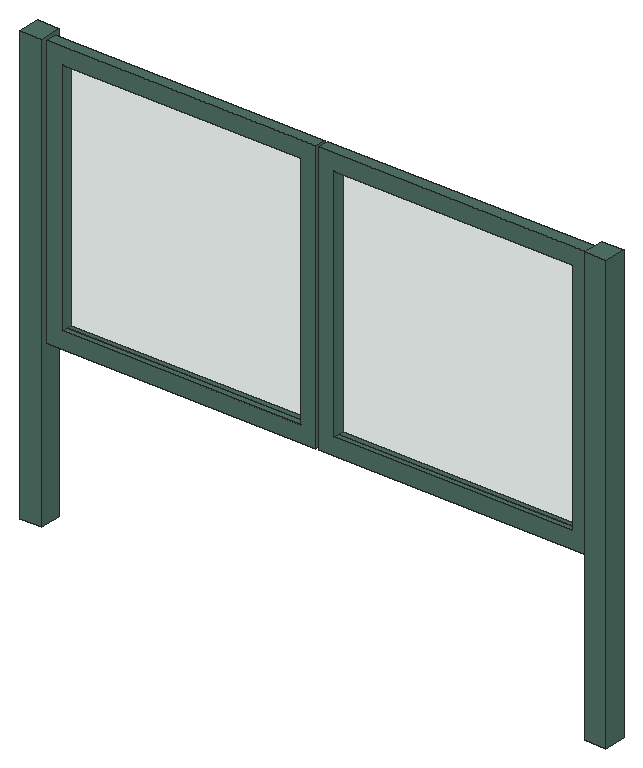
Revit family "Ворота распашные_PROM_US_BARS", category Специальное оборудование, Revit 2019
Family settings
  Размер круглого соединителя = Использовать диаметр
  Тип детали = Нормальный
  На основе рабочей плоскости = Нет
  Всегда вертикально = Да
  При загрузке вырезать с полостями = Нет
  Общий = Нет
  Точка расчета площади = Нет
Parameters (values of type "PROM-US_Под бетонирование")
  Ширина рамки = 60 mm
  Ширина открывания [instance] = Ширина / 2  # 1000 mm
  Ширина [instance] = 2000 mm
  Таблица = "US_BARS"  # constant formula
  Фланец (SIT) = no
  Тип крепления = if([Бетонирование столбы (SI)], 2, 3)  # 2
  Сечение столба = 80 mm
  Материал_Столбы = FENSYS_Столб
  Материал_Сетка = FENSYS_Рейка
  Изготовитель = "FENSYS"  # constant formula
  Высота [instance] = 1100 mm
  Бетонирование столбы (SI) = yes
  Глубина столба = 500 mm  # constant formula
  URL = "https://www.fensys.ru/produkciya/vorota_1.html"
  ADSK_Размер_Ширина [instance] = Ширина  # 2000 mm
  ADSK_Размер_Высота [instance] = Высота  # 1100 mm
  ADSK_Обозначение = "US/SI/BARS"
  ADSK_Наименование [instance] = size_lookup(Таблица, "", "Не найдено", ADSK_Размер_Высота, ADSK_Размер_Ширина, Тип крепления)  # "Ворота распашные серии PROM-US: HxW 1100x2000 (оси столбов 2080, профиль 80х80х3 мм), заполнение BARS, столбы с регулируемыми петлями, под бетонирование"
  ADSK_Масса [instance] = size_lookup(Таблица, "ADSK_Масса", 0, ADSK_Размер_Высота, ADSK_Размер_Ширина, Тип крепления)  # 78
  ADSK_Комплект = "Ворота распашные"  # constant formula
  ADSK_Код изделия [instance] = size_lookup(Таблица, "ADSK_Код изделия", "Не найдено", ADSK_Размер_Высота, ADSK_Размер_Ширина, Тип крепления)  # "46680U"
  ADSK_Завод-изготовитель = Изготовитель  # "FENSYS"
  ADSK_Единица измерения = "шт."  # constant formula
Types (3, lengths in mm): name | Фланец (SIT) | Тип крепления | Бетонирование столбы (SI) | ADSK_Обозначение | ADSK_Наименование | ADSK_Масса | ADSK_Код изделия
  (no name) | no | 2 | yes | "US/SI/BARS" | "Ворота распашные серии PROM-US: HxW 1100x2000 (оси столбов 2080, профиль 80х80х3 мм), заполнение BARS, столбы с регулируемыми петлями, под бетонирование" | 78 | "46680U"
  PROM-US_Под бетонирование | no | 2 | yes | "US/SI/BARS" | "Ворота распашные серии PROM-US: HxW 1100x2000 (оси столбов 2080, профиль 80х80х3 мм), заполнение BARS, столбы с регулируемыми петлями, под бетонирование" | 78 | "46680U"
  PROM-US_Фланец | yes | 3 | no | "US/SIT/BARS" | "Ворота распашные серии PROM-US: HxW 1100x2000 (оси столбов 2080, профиль 80х80х3 мм), заполнение BARS, столбы с регулируемыми петлями, на фланцах под анкерное крепление на бетон" | 74 | "39447U"
Reference planes
  plane 1 "По центру (Вперед/Назад)": y = 0
  plane 2: z = 0
  plane 3 "По центру (Влево/Вправо)": x = 0
  plane 4: x = 2160
  plane 5: y = 40
  plane 6: y = -40
  plane 7: x = 80
  plane 8: x = 2080
  plane 9: z = 1100
  plane 10: z = 100
  plane 11: z = -500
  plane 12: y = 20
  plane 13: y = -20
  plane 14: y = 2
  plane 15: y = -2
  plane 16: z = 1040
  plane 17: z = 1110
  plane 18: y = 2
  plane 19: y = -2
  plane 20: x = 1080
Forms (mm)
  Extrusion 1, solid, material "FENSYS_Столб" <- "Материал_Столбы"
    sketch origin (0, 0, 0) x (1, 0, 0) y (0, 1, 0)
      loop
        line (0, 40) -> (0, -40) -> (80, -40) -> (80, 40) -> (0, 40)
      loop
        line (2080, 40) -> (2080, -40) -> (2160, -40) -> (2160, 40) -> (2080, 40)
    from -500 to 1110
  Extrusion 2, solid, material "FENSYS_Рейка" <- "Материал_Сетка"
    sketch origin (0, 0, 0) x (1, 0, 0) y (0, 1, 0)
      loop
        line (140, 2) -> (140, -2) -> (1020, -2) -> (1020, 2) -> (140, 2)
    from 160 to 1040
  Extrusion 3, solid, material "FENSYS_Столб" <- "Материал_Столбы"
    sketch origin (0, 0, 0) x (1, 0, 0) y (0, 0, 1)
      loop
        line (80, 1100) -> (80, 100) -> (1075, 100) -> (1075, 1100) -> (80, 1100)
      loop
        line (2080, 100) -> (2080, 1100) -> (1085, 1100) -> (1085, 100) -> (2080, 100)
      loop
        line (140, 160) -> (1020, 160) -> (1020, 1040) -> (140, 1040) -> (140, 160)
      loop
        line (2020, 160) -> (2020, 1040) -> (1140, 1040) -> (1140, 160) -> (2020, 160)
    from -20 to 20
  Extrusion 4, solid, material "FENSYS_Рейка" <- "Материал_Сетка"
    sketch origin (1010, 0, 0) x (1, 0, 0) y (0, 1, 0)
      loop
        line (130, 2) -> (130, -2) -> (1010, -2) -> (1010, 2) -> (130, 2)
    from 160 to 1040
Lines and regions (mm)
  Masking region 1, detail levels coarse
    outline origin (0, 0, 0) x (1, 0, 0) y (0, 1, 0)
      loop
        line (80, 20) -> (80, -20) -> (2080, -20) -> (2080, 20) -> (80, 20)
Dimensions and locks
  equal spacing: plane 6, plane 1 "По центру (Вперед/Назад)", plane 5
  "Сечение столба": plane 3 "По центру (Влево/Вправо)" to plane 7
  "Сечение столба": plane 8 to plane 4
  "ADSK_Размер_Высота": plane 9 to plane 2
  "Глубина столба": plane 2 to plane 11
  plane 10 to plane 2 = 100 mm
  plane 5 to plane 1 "По центру (Вперед/Назад)" = 40 mm
  equal spacing: plane 13, plane 1 "По центру (Вперед/Назад)", plane 12
  plane 1 "По центру (Вперед/Назад)" to plane 12 = 20 mm
  equal spacing: plane 15, plane 1 "По центру (Вперед/Назад)", plane 14
  locked: plane 1 "По центру (Вперед/Назад)" to plane 14 at 2
  "Ширина рамки": plane 9 to plane 16
  "ADSK_Размер_Ширина": plane 7 to plane 8
  locked: plane 17 to plane 9 at 10
  plane 19 to plane 18 = 4 mm
  Extrusion 1 to Extrusion 1 = 2160 mm
  "Сечение столба": plane 5 to plane 6
  equal spacing: plane 8, plane 20, plane 7
  aligned and locked: level to plane 2
  aligned and locked: Extrusion 1 sketch curve to plane 5
  aligned and locked: plane 5 to Extrusion 1 sketch curve
  aligned and locked: plane 6 to Extrusion 1 sketch curve
  aligned and locked: Extrusion 1 sketch curve to plane 6
  aligned and locked: Extrusion 1 sketch curve to plane 4
  aligned and locked: plane 8 to Extrusion 1 sketch curve
  aligned and locked: Extrusion 1 sketch curve to plane 7
  aligned and locked: plane 3 "По центру (Влево/Вправо)" to Extrusion 1 sketch curve
  aligned and locked: Extrusion 1 to plane 11
  aligned and locked: Extrusion 2 sketch curve to plane 14
  aligned and locked: Extrusion 2 sketch curve to plane 15
  aligned and locked: plane 16 to Extrusion 2
  aligned and locked: plane 8 to nested 1
  aligned and locked: nested 1 to plane 1 "По центру (Вперед/Назад)"
  aligned and locked: plane 1 "По центру (Вперед/Назад)" to nested 2
  aligned and locked: plane 7 to nested 2
  aligned and locked: Masking region 1 sketch curve to plane 12
  aligned and locked: Masking region 1 sketch curve to plane 13
  aligned and locked: plane 7 to Masking region 1 sketch curve
  aligned and locked: Masking region 1 sketch curve to plane 8
  aligned and locked: Extrusion 1 to plane 17
  aligned and locked: Extrusion 3 to plane 13
  aligned and locked: Extrusion 3 to plane 12
  aligned and locked: Extrusion 2 to Extrusion 3  (x2)
  aligned and locked: Extrusion 3 to plane 16  (x2)
  aligned and locked: Extrusion 3 to Extrusion 2
  aligned and locked: Extrusion 4 sketch curve to plane 18
  aligned and locked: Extrusion 4 sketch curve to plane 19
  aligned and locked: Extrusion 4 to Extrusion 3  (x4)
  aligned and locked: Extrusion 1 to plane 5
  aligned and locked: plane 6 to Extrusion 1
Automatic sketch dimensions
  plane 7 to Extrusion 2 sketch curve = 60 mm
  Extrusion 2 sketch curve to Extrusion 2 sketch curve = 880 mm
  plane 7 to Extrusion 4 sketch curve = 1060 mm
  Extrusion 4 sketch curve to plane 8 = 60 mm
  Extrusion 3 sketch curve to plane 7 = 0 mm
  Extrusion 3 sketch curve to plane 16 = 0 mm  (x2)
  Extrusion 3 sketch curve to plane 10 = 0 mm  (x3)
  Extrusion 3 sketch curve to plane 9 = 0 mm  (x2)
  Extrusion 3 sketch curve to plane 8 = 0 mm
  plane 7 to Extrusion 3 sketch curve = 60 mm
  Extrusion 3 sketch curve to plane 20 = 5 mm
  Extrusion 3 sketch curve to plane 8 = 60 mm
  plane 10 to Extrusion 3 sketch curve = 60 mm  (x2)
  plane 20 to Extrusion 3 sketch curve = 5 mm
  plane 20 to Extrusion 3 sketch curve = 60 mm
  Extrusion 3 sketch curve to plane 20 = 60 mm
Nested families
  nested 1: "Открываение_Обозначение" at (2080, 0, 0) x (-1, 0, 0) z (0, 0, 1), Ширина <- "Ширина открывания", type "Открываение_Обозначение", detail levels coarse
    with Ширина 1000 mm
  nested 2: "Открываение_Обозначение" at (80, 0, 0), Ширина <- "Ширина открывания", type "Открываение_Обозначение", detail levels coarse
    with Ширина 1000 mm
Definition of nested family "Открываение_Обозначение"
  Parameters (values of type "Открываение_Обозначение")
    Ширина [instance] = 900 mm
  Reference planes
    plane 1 "По центру (Вперед/Назад)": y = 0
    plane 2: z = 0
    plane 3 "По центру (Влево/Вправо)": x = 0
    plane 4: x = 900
  Lines and regions (mm)
    detail lines, in view "Опорный уровень"
      curve 1: line (0, 0, 0) -> (779.423, 450, 0)
  Dimensions and locks
    "Ширина": plane 3 "По центру (Влево/Вправо)" to plane 4
    "Ширина": curve 1 to curve 1
    locked: plane 1 "По центру (Вперед/Назад)" to curve 1 (angle 30.00°)
    aligned and locked: plane 3 "По центру (Влево/Вправо)" to curve 1
    aligned and locked: plane 1 "По центру (Вперед/Назад)" to curve 1
